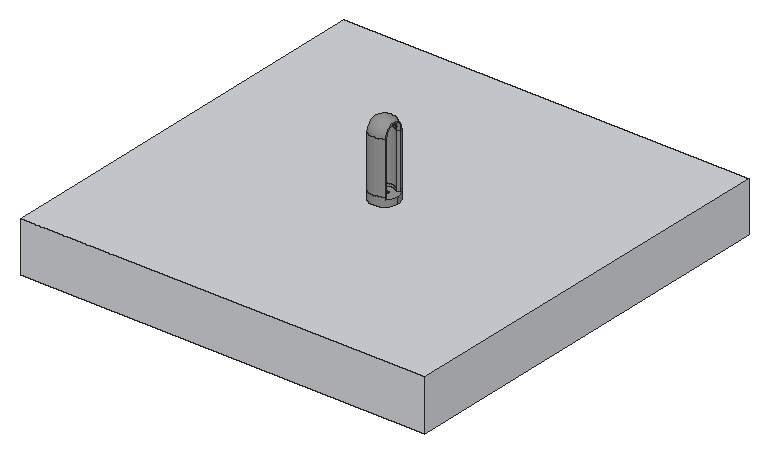
Revit family "LAMP_B-SIDE 450", category Luminarias, Revit 2015
Parameters (values of type "93LM 4000 BLACK")
  Ángulo de inclinación = 90.00°
  Weight = 2.794 kg
  Wattage = 4.5 W
  Type = "HI POWER CREE"
  built-in parameter 1150107 = 4000 (stored number, unit not read)
  built-in parameter 1150110 = 1 (stored number, unit not read)
  built-in parameter 1150109 = 1 (stored number, unit not read)
  built-in parameter 1150112 = 1 (stored number, unit not read)
  built-in parameter 1150113 = 1 (stored number, unit not read)
  built-in parameter 1114218 = 1 (stored number, unit not read)
  Protection rating = "IP65 / IK10"
  Product datasheet = "http://www.lamp.es/product-files/TECH/BS1DB4503840NA-EN.pdf"
  Product code = "BS1DB4503840NA"
  Product URL = "https://www.lamp.es/en/family/b-side_33457"
  Power Supply = "110-240V 50-60Hz"
  Power = 2.4 W
  Plum = 4.5 W
  built-in parameter 1150137 = (empty or 0)
  built-in parameter 1150132 = 2
  Modelo = Product code  # "BS1DB4503840NA"
  Material = LAMP_Aluminio B-Side antracita
  Manufacturer name = "LAMP"
  Manufacturer country = "Spain"
  Manufacturer URL = "http://www.lamp.es/en"
  MacAdam = ""
  Lámpara = "HIGH POWER LED\r\nHIGH POWER LED\r\nHIGH POWER LED\r\nHIGH POWER LED"
  Luminaire type = "Outdoor - Beacon"
  Last update = "21/12/2020"
  LED Lifetime = "50.000 L70 B10"
  built-in parameter 1150105 = 20.541 (stored number, unit not read)
  built-in parameter 1150102 = (empty or 0)
  Insulation class = "I"
  Installation instructions = "https://www.lamp.es/product-files/INS/1002060-A-INSTR.%20B-SIDE%20LED.pdf"
  built-in parameter 1150106 = 0.20541 (stored number, unit not read)
  IEE = "A++"
  Height = 450 mm
  Gear = "Electronic"
  Lumens = 92.97 lm
  Finish = "Textured anthracite grey"
  Color Filter = 16777215
  built-in parameter 1114217 = 1 (stored number, unit not read)
  built-in parameter 1150139 = (empty or 0)
  Fabricante = Manufacturer name  # "LAMP"
  Default Elevation = 1219.2 mm
  built-in parameter 1150104 = 1.9194 (stored number, unit not read)
  Efficacy = 20.66 lm/W
  Diameter = 160 mm
  Descripción = "B-SIDE LED 450 250 NW ANT."
  built-in parameter 1150115 = 1 (stored number, unit not read)
  built-in parameter 1150114 = 1 (stored number, unit not read)
  built-in parameter 1150138 = (empty or 0)
  built-in parameter 1150134 = 3
  Dimming Lamp Color Temperature Shift = (empty or 0)
  CRI = "80"
  Archivo de red fotométrica = "5841164.IES"
  built-in parameter 1150133 = 10 (stored number, unit not read)
Types (4, lengths in mm): name | Weight | Wattage | Product datasheet | Product code | Power | Plum | Modelo | Material | MacAdam | LED Lifetime | built-in parameter 1150105 | built-in parameter 1150106 | Lumens | Finish | built-in parameter 1150104 | Efficacy | Descripción | Archivo de red fotométrica
  93LM 4000 BLACK | 2.794 kg | 4.5 W | "http://www.lamp.es/product-files/TECH/BS1DB4503840NA-EN.pdf" | "BS1DB4503840NA" | 2.4 W | 4.5 W | "BS1DB4503840NA" | LAMP_Aluminio B-Side antracita | "" | "50.000 L70 B10" | 20.541 (stored number, unit not read) | 0.20541 (stored number, unit not read) | 92.97 lm | "Textured anthracite grey" | 1.9194 (stored number, unit not read) | 20.66 lm/W | "B-SIDE LED 450 250 NW ANT." | "5841164.IES"
  93LM 4000 GREY | 2.794 kg | 4.5 W | "http://www.lamp.es/product-files/TECH/BS1DB4503840NG-EN.pdf" | "BS1DB4503840NG" | 2.4 W | 4.5 W | "BS1DB4503840NG" | LAMP_Aluminio B-Side gris | "" | "50.000 L70 B10" | 20.541 (stored number, unit not read) | 0.20541 (stored number, unit not read) | 92.97 lm | "Texturised grey" | 1.9194 (stored number, unit not read) | 20.66 lm/W | "B-SIDE LED 450 250 NW GR." | "5841163.IES"
  130LM 4000 BLACK | 2.45 kg | 6.4 W | "http://www.lamp.es/product-files/TECH/BS1DB4505840NA-EN.pdf" | "BS1DB4505840NA" | 4.8 W | 6.4 W | "BS1DB4505840NA" | LAMP_Aluminio B-Side antracita | "4" | "50.000 L90" | 28.719 (stored number, unit not read) | 0.28719 (stored number, unit not read) | 129.984 lm | "Textured anthracite grey" | 1.8869 (stored number, unit not read) | 20.31 lm/W | "B-SIDE LED 450 500 NW ANT." | "5841174_90.IES"
  130LM 4000 GREY | 2.45 kg | 6.4 W | "http://www.lamp.es/product-files/TECH/BS1DB4505840NG-EN.pdf" | "BS1DB4505840NG" | 4.8 W | 6.4 W | "BS1DB4505840NG" | LAMP_Aluminio B-Side gris | "4" | "50.000 L90" | 180.28 (stored number, unit not read) | 1.8028 (stored number, unit not read) | 129.984 lm | "Texturised grey" | 1.8869 (stored number, unit not read) | 20.31 lm/W | "B-SIDE LED 450 500 NW GR." | "5841173_90.IES"
Reference planes
  plane 1 "Centro (Frontal/Posterior)": y = 0
  plane 2: z = 0
  plane 3 "Centro (Izquierda/Derecha)": x = 0
Forms (mm)
  Extrusion 1, solid
    sketch origin (0, 0, 0) x (1, 0, 0) y (0, 1, 0)
      loop
        line (-1219.2, 1219.2) -> (-1219.2, -1219.2) -> (1219.2, -1219.2) -> (1219.2, 1219.2) -> (-1219.2, 1219.2)
    from 0 to -304.8
  Extrusion 2, solid, material "LAMP_Aluminio B-Side antracita" <- "Material"
    sketch origin (0, 0, 0) x (1, 0, 0) y (0, 1, 0)
      loop
        circle (0, 0) r 81.4
    from 0 to 53
  Extrusion 3, solid, material "LAMP_Aluminio B-Side antracita" <- "Material"
    sketch origin (0, 0, 0) x (1, 0, 0) y (0, 1, 0)
      loop
        arc (-56.09, 58.99) -> (-56.712, 57.566) -> (-56.126, 56.126) r 2
        line (-56.126, 56.126) -> (-42.686, 42.686)
        arc (-42.686, 42.686) -> (-41.305, 42.1) -> (-39.905, 42.64) r 2
        arc (-39.905, 42.64) -> (0, 58.4) -> (39.905, 42.64) r 58.4
        arc (39.905, 42.64) -> (41.305, 42.1) -> (42.686, 42.686) r 2
        line (42.686, 42.686) -> (56.126, 56.126)
        arc (56.126, 56.126) -> (56.712, 57.566) -> (56.09, 58.99) r 2
        arc (56.09, 58.99) -> (0, 81.4) -> (-56.09, 58.99) r 81.4
      loop
        arc (-56.09, -58.99) -> (0, -81.4) -> (56.09, -58.99) r 81.4
        arc (56.09, -58.99) -> (56.712, -57.566) -> (56.126, -56.126) r 2
        line (56.126, -56.126) -> (42.686, -42.686)
        arc (42.686, -42.686) -> (41.305, -42.1) -> (39.905, -42.64) r 2
        arc (39.905, -42.64) -> (0, -58.4) -> (-39.905, -42.64) r 58.4
        arc (-39.905, -42.64) -> (-41.305, -42.1) -> (-42.686, -42.686) r 2
        line (-42.686, -42.686) -> (-56.126, -56.126)
        arc (-56.126, -56.126) -> (-56.712, -57.566) -> (-56.09, -58.99) r 2
    from 53 to 368.606
  Extrusion 4, void
    sketch origin (0, 0, 0) x (1, 0, 0) y (0, 1, 0)
      loop
        arc (-56.09, -58.99) -> (-56.712, -57.566) -> (-56.126, -56.126) r 2
        line (-56.126, -56.126) -> (-42.686, -42.686)
        arc (-42.686, -42.686) -> (-41.305, -42.1) -> (-39.905, -42.64) r 2
        arc (-39.905, -42.64) -> (0, -58.4) -> (39.905, -42.64) r 58.4
        arc (39.905, -42.64) -> (41.305, -42.1) -> (42.686, -42.686) r 2
        line (42.686, -42.686) -> (56.126, -56.126)
        arc (56.126, -56.126) -> (56.712, -57.566) -> (56.09, -58.99) r 2
        arc (56.09, -58.99) -> (81.4, 0) -> (56.09, 58.99) r 81.4
        arc (56.09, 58.99) -> (56.712, 57.566) -> (56.126, 56.126) r 2
        line (56.126, 56.126) -> (42.686, 42.686)
        arc (42.686, 42.686) -> (41.305, 42.1) -> (39.905, 42.64) r 2
        arc (39.905, 42.64) -> (0, 58.4) -> (-39.905, 42.64) r 58.4
        arc (-39.905, 42.64) -> (-41.305, 42.1) -> (-42.686, 42.686) r 2
        line (-42.686, 42.686) -> (-56.126, 56.126)
        arc (-56.126, 56.126) -> (-56.712, 57.566) -> (-56.09, 58.99) r 2
        arc (-56.09, 58.99) -> (-81.4, 0) -> (-56.09, -58.99) r 81.4
    from 38 to 53
  Sweep 5, solid, material "LAMP_Aluminio B-Side antracita" <- "Material"
    path origin (0, 0, -384.394) x (0, 1, 0) y (0, 0, 1)
      loop
        arc (-58.4, 753) -> (0, 811.4) -> (58.4, 753) r 58.4
    profile origin (0, 0, 427.006) x (0, 0, 1) y (1, 0, 0)
      loop
        arc (0.59, -56.09) -> (23, 0) -> (0.59, 56.09) r 81.4
        arc (0.59, 56.09) -> (-0.834, 56.712) -> (-2.274, 56.126) r 2
        line (-2.274, 56.126) -> (-15.714, 42.686)
        arc (-15.714, 42.686) -> (-16.3, 41.305) -> (-15.76, 39.905) r 2
        arc (-15.76, 39.905) -> (0, 0) -> (-15.76, -39.905) r 58.4
        arc (-15.76, -39.905) -> (-16.3, -41.305) -> (-15.714, -42.686) r 2
        line (-15.714, -42.686) -> (-2.274, -56.126)
        arc (-2.274, -56.126) -> (-0.834, -56.712) -> (0.59, -56.09) r 2
  Extrusion 6, solid, material "LAMP_Aluminio B-Side antracita" <- "Material"
    sketch origin (0, 0, 0) x (1, 0, 0) y (0, 1, 0)
      loop
        arc (-19.941, -7.347) -> (-19.723, -7.874) -> (-19.196, -8.093) r 0.745
        line (-19.196, -8.093) -> (-14.656, -8.093)
        arc (-14.656, -8.093) -> (-14.206, -7.948) -> (-13.924, -7.57) r 0.775
        line (-13.924, -7.57) -> (-9.383, 5.625) -> (-4.868, -7.498)
        arc (-4.868, -7.498) -> (-4.603, -7.853) -> (-4.18, -7.988) r 0.727
        line (-4.18, -7.988) -> (-0.911, -7.988)
        arc (-0.911, -7.988) -> (-0.395, -7.775) -> (-0.182, -7.26) r 0.729
        line (-0.182, -7.26) -> (-0.182, 5.708) -> (3.923, 1.603) -> (8.029, 5.708) -> (8.029, -7.385)
        arc (8.029, -7.385) -> (8.236, -7.885) -> (8.736, -8.093) r 0.708
        line (8.736, -8.093) -> (13.813, -8.093)
        arc (13.813, -8.093) -> (14.355, -7.868) -> (14.579, -7.327) r 0.766
        line (14.579, -7.327) -> (14.579, 5.073)
        arc (14.579, 5.073) -> (14.796, 5.597) -> (15.319, 5.813) r 0.74
        line (15.319, 5.813) -> (18.763, 5.813)
        arc (18.763, 5.813) -> (19.302, 5.59) -> (19.525, 5.051) r 0.762
        line (19.525, 5.051) -> (19.525, 2.449)
        arc (19.525, 2.449) -> (19.304, 1.913) -> (18.768, 1.691) r 0.758
        line (18.768, 1.691) -> (15.597, 1.691)
        arc (15.597, 1.691) -> (14.772, 0.867) -> (15.597, 0.043) r 0.824
        line (15.597, 0.043) -> (20.435, 0.043)
        arc (20.435, 0.043) -> (20.958, 0.259) -> (21.174, 0.782) r 0.739
        line (21.174, 0.782) -> (21.174, 6.687)
        arc (21.174, 6.687) -> (20.947, 7.235) -> (20.399, 7.462) r 0.776
        line (20.399, 7.462) -> (13.696, 7.462)
        arc (13.696, 7.462) -> (13.155, 7.238) -> (12.93, 6.696) r 0.766
        line (12.93, 6.696) -> (12.93, -5.699)
        arc (12.93, -5.699) -> (12.706, -6.241) -> (12.164, -6.465) r 0.766
        line (12.164, -6.465) -> (10.468, -6.465)
        arc (10.468, -6.465) -> (9.929, -6.242) -> (9.706, -5.703) r 0.762
        line (9.706, -5.703) -> (9.706, 5.944)
        arc (9.706, 5.944) -> (8.51, 7.607) -> (6.554, 7.001) r 1.753
        line (6.554, 7.001) -> (3.923, 4.37) -> (1.293, 7.001)
        arc (1.293, 7.001) -> (-0.664, 7.607) -> (-1.86, 5.944) r 1.753
        line (-1.86, 5.944) -> (-1.86, -5.517)
        arc (-1.86, -5.517) -> (-2.65, -6.45) -> (-3.7, -5.824) r 0.946
        line (-3.7, -5.824) -> (-7.907, 6.409)
        arc (-7.907, 6.409) -> (-9.383, 7.462) -> (-10.86, 6.409) r 1.561
        line (-10.86, 6.409) -> (-15.109, -5.946)
        arc (-15.109, -5.946) -> (-15.389, -6.322) -> (-15.836, -6.465) r 0.768
        line (-15.836, -6.465) -> (-17.56, -6.465)
        arc (-17.56, -6.465) -> (-18.078, -6.25) -> (-18.293, -5.732) r 0.733
        line (-18.293, -5.732) -> (-18.293, 6.725)
        arc (-18.293, 6.725) -> (-19.117, 7.55) -> (-19.941, 6.725) r 0.824
        line (-19.941, 6.725) -> (-19.941, -7.347)
    from 38 to 39
Cuts and joins
  Extrusion 4 cuts Extrusion 2
  Extrusion 4 cuts Extrusion 3
  joined: Extrusion 2, Extrusion 3, Sweep 5
Text (mm)
  text "Any modification of the parameters and properties of the LAMP BIM models must be executed and validated by the LAMP technical department.\n\nPhone: +34 93 736 68 00\n\nE-mail: lamp@lamp.es\n\n\n\nLAMP reserves the right to modify the technical specifications of its products." at (19217.148, -14743.252, -9581.712), in view "Preview"
Dimensions and locks
  aligned and locked: plane 2 to Extrusion 1
  aligned and locked: level to Extrusion 1
Connectors
  electrical at (0, 0, 0)
    settings: on cut or joined group of Extrusion 2, Extrusion 3, Extrusion 4, Sweep 5, index 1, voltage 230 V, apparent load 0 VA, apparent load phase1 0 VA, apparent load phase2 0 VA, apparent load phase3 0 VA, power factor 1, load classification "Otro", number of poles 1, system type 31, power factor state 1, is connector primary yes, connector utility no, sub classification motor no, connector description ""
